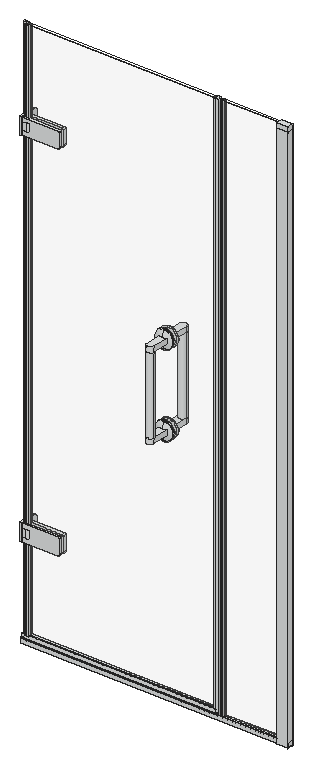
Revit family "Shower-Shower_Door-KOHLER-Components-K-27589_1", category Specialty Equipment, host Face, Revit 2017 (continued)
Definition of nested family "K-27589"
  Automatic sketch dimensions
    plane 9 to Revolve 28 sketch curve = 0.00455"
    Revolve 28 sketch curve to plane 9 = 0.20924"
    Revolve 28 sketch curve to plane 9 = 0.24551"
    plane 10 to Revolve 28 sketch curve = 0.30265"
    plane 10 to Revolve 28 sketch curve = 0.32068"
    Revolve 28 sketch curve to Revolve 28 sketch curve = 0.86741"
    Revolve 28 sketch curve to Revolve 28 sketch curve = 0.00702"
    Revolve 28 sketch curve to Revolve 28 sketch curve = 0"  (x2)
    Revolve 28 sketch curve to Revolve 28 sketch curve = 0.10085"
    Revolve 29 sketch curve to plane 12 = 0.21347"
    plane 9 to Revolve 29 sketch curve = 0.19217"
    plane 9 to Revolve 29 sketch curve = 0.03326"
    plane 9 to Revolve 29 sketch curve = 0.00455"
    Revolve 29 sketch curve to plane 11 = 0.03624"
    Revolve 29 sketch curve to plane 9 = 0.20924"
    Revolve 29 sketch curve to plane 9 = 0.24551"
    Revolve 29 sketch curve to Revolve 29 sketch curve = 0.28413"
    plane 11 to Revolve 29 sketch curve = 0.83117"
    Revolve 29 sketch curve to Revolve 29 sketch curve = 0.00702"
    Revolve 29 sketch curve to Revolve 29 sketch curve = 0"  (x2)
    Revolve 29 sketch curve to Revolve 29 sketch curve = 0.10085"
    Masking region 3 sketch curve to plane 28 = 0"
    plane 10 to Masking region 3 sketch curve = 0"  (x2)
    Masking region 3 sketch curve to plane 12 = 0"  (x5)
    Masking region 3 sketch curve to level = 0"
    Masking region 3 sketch curve to plane 9 = 0"  (x2)
    Masking region 3 sketch curve to plane 6 = 0"
    plane 11 to Masking region 3 sketch curve = 0"  (x2)
    Masking region 3 sketch curve to plane 27 = 0"
    Masking region 3 sketch curve to plane 11 = 1/32"  (x2)
    Masking region 3 sketch curve to plane 28 = 1/32"
    Masking region 3 sketch curve to plane 28 = 1"
    Masking region 3 sketch curve to plane 12 = 0.22089"  (x2)
    Masking region 3 sketch curve to plane 12 = 0.10639"
    Masking region 3 sketch curve to Masking region 3 sketch curve = 0.10639"
    Masking region 3 sketch curve to Masking region 3 sketch curve = 0.04148"  (x3)
    Masking region 3 sketch curve to plane 9 = 0.25441"  (x4)
    Masking region 3 sketch curve to Masking region 3 sketch curve = 0.25441"
    Masking region 3 sketch curve to Masking region 3 sketch curve = 0.01066"
    Masking region 3 sketch curve to Masking region 3 sketch curve = 0.00507"
    Masking region 3 sketch curve to Masking region 3 sketch curve = 0.00541"
    Masking region 3 sketch curve to Masking region 3 sketch curve = 0.93936"  (x2)
    Masking region 3 sketch curve to Masking region 3 sketch curve = 0.93982"  (x2)
    Masking region 3 sketch curve to Masking region 3 sketch curve = 0.19485"
    Masking region 3 sketch curve to Masking region 3 sketch curve = 25/128"
    Masking region 3 sketch curve to plane 27 = 1"
    Masking region 3 sketch curve to Masking region 3 sketch curve = 1/32"
    plane 7 to Masking region 3 sketch curve = 0.15896"
    Masking region 3 sketch curve to Masking region 3 sketch curve = 0.01492"
    plane 7 to Masking region 3 sketch curve = 0.24911"
    Masking region 3 sketch curve to Masking region 3 sketch curve = 0.04025"
    Masking region 3 sketch curve to Masking region 3 sketch curve = 0.08229"
    Masking region 3 sketch curve to Masking region 3 sketch curve = 10.78269"
    Masking region 3 sketch curve to Masking region 3 sketch curve = 0"  (x3)
    Masking region 3 sketch curve to Masking region 3 sketch curve = 0.00344"  (x2)
    Masking region 3 sketch curve to Masking region 3 sketch curve = 1.77863"  (x2)
    Masking region 3 sketch curve to Masking region 3 sketch curve = 0.00035"
    Masking region 3 sketch curve to plane 11 = 0.64105"  (x2)
    Masking region 3 sketch curve to Masking region 3 sketch curve = 4.08733"
    Masking region 3 sketch curve to Masking region 3 sketch curve = 0.30278"
    plane 10 to Masking region 3 sketch curve = 1.527"
    plane 10 to Masking region 3 sketch curve = 0.64105"
    Masking region 3 sketch curve to Masking region 3 sketch curve = 0.64105"
    Masking region 3 sketch curve to plane 10 = 0.88595"
    Masking region 3 sketch curve to plane 6 = 12.87125"
    Masking region 3 sketch curve to Masking region 3 sketch curve = 0.22089"  (x2)
    Masking region 3 sketch curve to Masking region 3 sketch curve = 0.88595"
    plane 11 to Masking region 3 sketch curve = 0.88595"
    curve 59 to plane 5 = 0"
    curve 58 to plane 5 = 0"
    curve 3 to plane 13 = 0"
    curve 59 to plane 20 = 0"
    curve 63 to plane 21 = 0"
    curve 68 to plane 19 = 0"
    curve 66 to plane 19 = 0"
    curve 58 to plane 18 = 0"
    curve 69 to plane 18 = 0"
    curve 5 to plane 14 = 0"
    curve 8 to plane 14 = 0"
    curve 160 to plane 22 = 0"
    curve 159 to plane 22 = 0"
    curve 102 to plane 23 = 0"
    curve 60 to curve 61 = 0.02311"
    curve 65 to plane 21 = 1/32"
    curve 67 to plane 21 = 1/32"
    plane 9 to curve 158 = 0.03467"
    plane 22 to curve 158 = 1.18214"
    plane 9 to curve 156 = 0.00003"
    curve 157 to curve 156 = 0.02706"
    curve 162 to plane 9 = 0.17115"
    plane 22 to curve 162 = 0.4685"
    curve 153 to plane 9 = 0.17115"
    plane 9 to curve 154 = 0.03467"
    curve 153 to curve 154 = 0.67794"
    plane 9 to curve 153 = 0.00003"
    curve 154 to curve 153 = 0.00864"
    plane 23 to curve 117 = 0.05331"
    plane 23 to curve 103 = 0.05335"
    plane 23 to curve 102 = 0.06035"
    curve 102 to curve 109 = 0.0694"
    curve 117 to curve 2 = 0.12174"
    curve 109 to curve 1 = 0.04696"
    curve 1 to curve 106 = 0.03388"
    curve 2 to curve 110 = 0.03646"
    plane 23 to curve 111 = 0.21228"
    curve 106 to curve 108 = 0.02447"
    curve 107 to curve 103 = 0.03212"
    curve 9 to curve 104 = 0.0539"
    plane 23 to curve 105 = 0.31451"
    curve 121 to plane 1 "Center (Front/Back)" = 0.12895"
    curve 104 to curve 121 = 0.07743"
    curve 118 to plane 1 "Center (Front/Back)" = 0.17617"
    curve 118 to curve 118 = 0.04721"
    plane 9 to curve 113 = 0.2026"
    curve 118 to curve 113 = 0.00988"
    plane 23 to curve 115 = 0.42497"
    curve 126 to plane 1 "Center (Front/Back)" = 0.1381"
    curve 118 to curve 126 = 0.12974"
    curve 126 to curve 127 = 0.04324"
    curve 122 to plane 1 "Center (Front/Back)" = 0.12895"
    curve 127 to curve 122 = 0.01268"
    curve 123 to plane 1 "Center (Front/Back)" = 0.17617"
    curve 127 to curve 123 = 0.05989"
    plane 1 "Center (Front/Back)" to curve 121 = 0.15193"
    plane 23 to curve 116 = 0.64803"
    curve 119 to curve 114 = 0.01875"
    plane 1 "Center (Front/Back)" to curve 113 = 0.11955"
    curve 114 to curve 113 = 0.0437"
    curve 116 to curve 131 = 0.12321"
    plane 1 "Center (Front/Back)" to curve 124 = 0.15193"
    plane 8 to curve 126 = 0.15095"
    curve 124 to curve 126 = 0.00355"
    curve 123 to curve 130 = 0.05973"
    plane 23 to curve 128 = 0.99404"
    curve 129 to plane 12 = 0.61967"
    curve 126 to curve 129 = 0.15745"
    curve 130 to curve 136 = 0.07475"
    curve 135 to curve 135 = 0.0239"
    curve 137 to curve 137 = 0.04269"
    curve 138 to curve 134 = 0.01431"
    plane 1 "Center (Front/Back)" to curve 140 = 0.13866"
    curve 135 to curve 140 = 0.0381"
    curve 11 to curve 133 = 0.09087"
    curve 134 to curve 132 = 0.02353"
    curve 134 to curve 138 = 0.16899"
    curve 159 to plane 12 = 0.89469"
    curve 105 to curve 129 = 0.70102"
    plane 28 to curve 128 = 1.06078"
    plane 8 to curve 70 = 0.07891"
    curve 61 to curve 67 = 0.0237"
    plane 8 to curve 112 = 0.16717"
    curve 133 to curve 133 = 0.03505"
    curve 2 to curve 107 = 0.01403"
    curve 111 to curve 117 = 0.02123"
    curve 114 to curve 119 = 0.05854"
    curve 134 to curve 132 = 0.01061"
    curve 136 to curve 11 = 0.01989"
    curve 107 to curve 10 = 0.04597"
    curve 123 to curve 130 = 0.00584"
    plane 1 "Center (Front/Back)" to curve 140 = 0.07666"
    curve 104 to plane 1 "Center (Front/Back)" = 0.07938"
    curve 104 to curve 9 = 0.05509"
    curve 9 to curve 109 = 0.00717"
    curve 13 to plane 1 "Center (Front/Back)" = 0.17534"
    curve 122 to curve 127 = 0.05239"
    curve 109 to curve 102 = 0.04136"
    curve 109 to curve 108 = 0.05118"
    curve 1 to curve 106 = 0.00157"
    curve 13 to curve 137 = 0.01931"
    curve 1 to curve 63 = 0.00341"
    curve 64 to curve 59 = 0.02023"
    curve 5 to curve 5 = 0.06185"
    curve 65 to curve 58 = 0.03698"
    curve 139 to curve 134 = 0.04369"
    curve 3 to plane 9 = 0.14683"
    curve 111 to plane 9 = 0.34736"
    curve 153 to curve 160 = 0.70374"
    curve 111 to curve 115 = 0.64655"
    plane 27 to curve 131 = 0.73222"
    curve 116 to plane 4 = 0.60067"
    plane 8 to curve 8 = 0.09645"
    curve 8 to curve 158 = 0"
    curve 160 to plane 12 = 0.19095"  (x2)
    plane 22 to curve 160 = 0.4685"
    plane 8 to curve 141 = 0.03917"
    curve 141 to curve 155 = 0"
    plane 23 to curve 101 = 0.00029"
    curve 101 to curve 117 = 0.00045"
    curve 116 to curve 117 = 0"
    curve 117 to curve 111 = 0.02419"
    curve 102 to curve 109 = 0.02036"
    curve 105 to curve 109 = 0"
    curve 105 to curve 142 = 0.02551"
    curve 115 to curve 116 = 0"
    curve 128 to curve 127 = 0"
    curve 131 to curve 130 = 0"
    curve 138 to curve 139 = 0.01931"
    curve 12 to curve 139 = 0"  (x2)
    curve 132 to curve 131 = 0"
    curve 11 to plane 26 = 1.45465"
    curve 100 to plane 12 = 0.10639"
    curve 7 to plane 12 = 0.06491"
    plane 8 to curve 15 = 0.02268"
    plane 8 to curve 101 = 0.03917"
    plane 8 to curve 163 = 0.03917"
    curve 101 to curve 143 = 0.05727"
    curve 12 to curve 15 = 0.07854"
    curve 156 to curve 162 = 0.11475"
    curve 153 to curve 161 = 0.11475"
    curve 3 to curve 100 = 0.13908"
    curve 72 to plane 5 = 0"
    curve 75 to plane 5 = 0"
    curve 17 to plane 5 = 0"
    curve 83 to plane 5 = 0"
    curve 18 to plane 5 = 0"
    curve 86 to plane 5 = 0"
    curve 77 to plane 13 = 0"
    curve 90 to plane 13 = 0"
    plane 20 to curve 96 = 0"
    plane 20 to curve 95 = 0"
    plane 20 to curve 94 = 0"
    plane 18 to curve 97 = 0"
    plane 18 to curve 51 = 0"
    plane 18 to curve 98 = 0"
    curve 76 to plane 14 = 0"
    plane 14 to curve 84 = 0"
    curve 169 to plane 11 = 0"
    curve 165 to plane 10 = 0"
    curve 18 to plane 7 = 0"
    curve 19 to plane 7 = 0"
    curve 150 to level = 0"
    curve 150 to plane 6 = 0"
    curve 152 to plane 6 = 0"
    curve 152 to level = 0"
    curve 149 to plane 26 = 0"
    curve 92 to curve 89 = 0.02685"
    curve 80 to curve 78 = 0.02685"
    curve 82 to curve 78 = 0.01966"
    curve 93 to curve 89 = 0.01966"
    curve 87 to plane 14 = 0.19715"
    curve 75 to plane 14 = 0.19715"
    curve 85 to plane 14 = 0.19541"
    curve 74 to curve 73 = 0.19541"
    plane 22 to curve 169 = 0.4685"
    plane 22 to curve 167 = 0"
    plane 22 to curve 164 = 0"
    curve 168 to plane 22 = 0.4685"
    plane 7 to curve 86 = 11.15399"
    curve 97 to curve 90 = 0.58071"
    curve 93 to curve 92 = 0.95743"
    curve 84 to curve 84 = 1.77279"
    curve 167 to plane 11 = 0.32037"
    plane 10 to curve 164 = 0.32068"
    curve 75 to plane 6 = 12.86782"
    curve 98 to curve 79 = 0.58071"
    curve 78 to curve 78 = 0.95743"
    curve 73 to curve 73 = 1.77279"
    plane 23 to curve 146 = 0.00045"
    curve 148 to plane 7 = 0.10539"
    curve 146 to curve 148 = 0.58053"
    curve 148 to curve 147 = 0.14354"
    curve 147 to curve 144 = 0.05067"
    curve 52 to plane 6 = 0.17896"
    curve 144 to curve 52 = 0.52371"
    curve 151 to plane 26 = 1.48035"
    curve 151 to curve 150 = 0.0257"
    curve 150 to curve 152 = 0.02444"
    plane 7 to curve 16 = 0.15896"
    curve 16 to curve 20 = 0.32901"
    curve 167 to curve 167 = 1.08421"
    curve 164 to curve 164 = 1.08421"
    curve 51 to plane 6 = 0.17896"
    curve 99 to plane 6 = 0.05407"
    curve 144 to plane 6 = 0.05407"
    curve 145 to plane 6 = 0.05407"
    curve 149 to plane 6 = 0.05407"
    curve 94 to plane 6 = 0.05407"
    curve 147 to curve 144 = 0"
    curve 148 to plane 6 = 0.05407"
    curve 146 to plane 6 = 0.05404"
    Extrusion 2 sketch curve to plane 5 = 0"
    Extrusion 2 sketch curve to plane 16 = 0"  (x2)
    Extrusion 2 sketch curve to plane 15 = 0"  (x2)
    Extrusion 2 sketch curve to Extrusion 2 sketch curve = 0.02311"
    Extrusion 2 sketch curve to plane 21 = 1/32"  (x2)
    plane 8 to Extrusion 2 sketch curve = 0.07891"
    Extrusion 2 sketch curve to Extrusion 2 sketch curve = 0.04681"
    Extrusion 2 sketch curve to Extrusion 2 sketch curve = 0.04145"
    Extrusion 2 sketch curve to plane 1 "Center (Front/Back)" = 0.19282"
    Extrusion 2 sketch curve to plane 1 "Center (Front/Back)" = 0.19623"
    Extrusion 2 sketch curve to Extrusion 2 sketch curve = 0.02023"
    Extrusion 2 sketch curve to Extrusion 2 sketch curve = 0.03698"
    Extrusion 4 sketch curve to plane 13 = 0"  (x2)
    Extrusion 4 sketch curve to plane 14 = 0"
    Extrusion 4 sketch curve to plane 18 = 0.23416"
    Extrusion 4 sketch curve to plane 18 = 0.23504"
    Extrusion 4 sketch curve to Extrusion 4 sketch curve = 0.02124"
    Extrusion 4 sketch curve to Extrusion 4 sketch curve = 25/128"  (x2)
    Extrusion 4 sketch curve to plane 6 = 12.87908"
    Extrusion 4 sketch curve to Extrusion 4 sketch curve = 0.58071"
    Extrusion 4 sketch curve to Extrusion 4 sketch curve = 0.96057"
    Extrusion 4 sketch curve to Extrusion 4 sketch curve = 1.77438"
    Extrusion 5 sketch curve to plane 13 = 0"
    Extrusion 5 sketch curve to plane 12 = 0.06491"
    Extrusion 5 sketch curve to plane 19 = 0.09988"
    plane 21 to Extrusion 9 sketch curve = 0"
    level to Extrusion 9 sketch curve = 0.32822"
    plane 23 to Extrusion 9 sketch curve = 0.67492"
    plane 7 to Extrusion 9 sketch curve = 0.48798"
    Masking region 1 sketch curve to plane 5 = 0"
    Masking region 1 sketch curve to plane 13 = 0"  (x2)
    Masking region 1 sketch curve to plane 14 = 0"
    Masking region 1 sketch curve to plane 22 = 0"  (x2)
    plane 9 to Masking region 1 sketch curve = 0"
    Masking region 1 sketch curve to plane 12 = 0"
    Masking region 1 sketch curve to plane 26 = 0"
    plane 8 to Masking region 1 sketch curve = 0.03917"  (x2)
    plane 22 to Masking region 1 sketch curve = 1.18214"
    Masking region 1 sketch curve to plane 12 = 0.01977"  (x2)
    Masking region 1 sketch curve to Masking region 1 sketch curve = 0.02706"
    plane 12 to Masking region 1 sketch curve = 0.01487"  (x2)
    Masking region 1 sketch curve to Masking region 1 sketch curve = 0.4685"
    Masking region 1 sketch curve to plane 12 = 0.19095"  (x2)
    plane 22 to Masking region 1 sketch curve = 0.4685"
    Masking region 1 sketch curve to Masking region 1 sketch curve = 0.67794"
    Masking region 1 sketch curve to Masking region 1 sketch curve = 0.00864"
    plane 9 to Masking region 1 sketch curve = 0.10062"
    plane 23 to Masking region 1 sketch curve = 0.52731"
    Masking region 1 sketch curve to plane 26 = 1.45465"
    Masking region 1 sketch curve to Masking region 1 sketch curve = 0"
    Masking region 1 sketch curve to Masking region 1 sketch curve = 0.02472"
    Masking region 1 sketch curve to Masking region 1 sketch curve = 0.02506"
    Masking region 1 sketch curve to plane 26 = 3/128"
    Masking region 1 sketch curve to Masking region 1 sketch curve = 3/128"
    Masking region 1 sketch curve to plane 28 = 0.46762"
    Masking region 1 sketch curve to plane 12 = 0.10639"
    Masking region 1 sketch curve to Masking region 1 sketch curve = 0.04148"
    Masking region 1 sketch curve to plane 9 = 0.28591"  (x2)
    Masking region 1 sketch curve to Masking region 1 sketch curve = 1.10317"
    Masking region 1 sketch curve to plane 27 = 0.46762"
    Masking region 2 sketch curve to plane 5 = 0"
    Masking region 2 sketch curve to plane 6 = 0"
    Masking region 2 sketch curve to level = 0"
    Masking region 2 sketch curve to plane 26 = 0"
    Masking region 2 sketch curve to plane 26 = 1.45465"
    Masking region 2 sketch curve to plane 26 = 0.0237"
    Masking region 2 sketch curve to plane 6 = 0.05407"
    Extrusion 10 sketch curve to plane 13 = 0"  (x2)
    plane 14 to Extrusion 10 sketch curve = 0"
    Extrusion 10 sketch curve to Extrusion 10 sketch curve = 0.02212"
    Extrusion 10 sketch curve to Extrusion 10 sketch curve = 0.02124"
    Extrusion 10 sketch curve to plane 14 = 25/128"  (x2)
    plane 7 to Extrusion 10 sketch curve = 11.15434"
    Extrusion 10 sketch curve to Extrusion 10 sketch curve = 0.58071"
    Extrusion 10 sketch curve to Extrusion 10 sketch curve = 0.96057"
    Extrusion 10 sketch curve to Extrusion 10 sketch curve = 1.77438"
    Extrusion 11 sketch curve to plane 5 = 0"  (x2)
    plane 7 to Extrusion 11 sketch curve = 11.15434"
    Extrusion 11 sketch curve to Extrusion 11 sketch curve = 2.16501"  (x2)
    Extrusion 11 sketch curve to plane 6 = 12.86782"
    Extrusion 12 sketch curve to plane 13 = 0"
    Extrusion 12 sketch curve to plane 12 = 0.06491"
    Extrusion 12 sketch curve to plane 19 = 0.15085"
    Extrusion 13 sketch curve to plane 21 = 0"
    plane 8 to Extrusion 13 sketch curve = 0.16717"
    Extrusion 13 sketch curve to plane 1 "Center (Front/Back)" = 0.19282"
    Extrusion 14 sketch curve to plane 5 = 0"  (x2)
    plane 14 to Extrusion 14 sketch curve = 0"
    Extrusion 14 sketch curve to plane 14 = 0"
    plane 7 to Extrusion 14 sketch curve = 11.15434"
    Extrusion 14 sketch curve to Extrusion 14 sketch curve = 2.16501"
    Extrusion 14 sketch curve to plane 6 = 12.86782"
    Extrusion 14 sketch curve to Extrusion 14 sketch curve = 2.16535"
    Extrusion 15 sketch curve to level = 0"
    Extrusion 15 sketch curve to plane 5 = 0"
    Extrusion 15 sketch curve to plane 26 = 0"
    plane 7 to Extrusion 15 sketch curve = 0.29465"
    Extrusion 17 sketch curve to plane 5 = 0"
    Extrusion 17 sketch curve to plane 21 = 0"
    Extrusion 17 sketch curve to plane 18 = 0"  (x2)
    Extrusion 17 sketch curve to plane 23 = 0"  (x2)
    Extrusion 17 sketch curve to plane 12 = 0"
    Extrusion 17 sketch curve to plane 26 = 0"
    Extrusion 17 sketch curve to Extrusion 17 sketch curve = 0.17477"
    plane 23 to Extrusion 17 sketch curve = 0.17477"
    Extrusion 17 sketch curve to Extrusion 17 sketch curve = 0.06"  (x3)
    Extrusion 17 sketch curve to plane 1 "Center (Front/Back)" = 0.17534"
    Extrusion 17 sketch curve to Extrusion 17 sketch curve = 0.82677"
    Extrusion 17 sketch curve to Extrusion 17 sketch curve = 0.062"  (x3)
    plane 8 to Extrusion 17 sketch curve = 0.09645"
    Extrusion 17 sketch curve to Extrusion 17 sketch curve = 15/64"  (x2)
    Extrusion 17 sketch curve to plane 26 = 1.45441"
    plane 8 to Extrusion 17 sketch curve = 0.03666"
    Extrusion 17 sketch curve to Extrusion 17 sketch curve = 0.07073"
    plane 8 to Extrusion 17 sketch curve = 0.16717"
    plane 1 "Center (Front/Back)" to Extrusion 17 sketch curve = 0.13866"
    plane 1 "Center (Front/Back)" to Extrusion 17 sketch curve = 0.07666"
    Extrusion 17 sketch curve to plane 1 "Center (Front/Back)" = 0.13447"
    Extrusion 17 sketch curve to plane 1 "Center (Front/Back)" = 0.19282"
    Extrusion 17 sketch curve to Extrusion 17 sketch curve = 0.03671"
    plane 9 to Extrusion 17 sketch curve = 0.10913"
    Extrusion 17 sketch curve to plane 9 = 0.04602"
    curve 39 to plane 12 = 0"
    curve 21 to plane 12 = 0"
    curve 27 to plane 12 = 0"
    curve 48 to level = 0"
    curve 48 to plane 6 = 0"
    curve 49 to plane 6 = 0"
    curve 49 to level = 0"
    curve 50 to plane 9 = 0"
    curve 29 to plane 9 = 0"
    plane 10 to curve 37 = 0"
    curve 36 to plane 6 = 0"
    plane 11 to curve 53 = 0"
    curve 26 to plane 6 = 0"
    plane 1 "Center (Front/Back)" to curve 44 = 0.16426"
    plane 1 "Center (Front/Back)" to curve 42 = 0.16426"
    plane 1 "Center (Front/Back)" to curve 33 = 0.13285"
    curve 34 to plane 1 "Center (Front/Back)" = 0.09125"
    curve 47 to plane 1 "Center (Front/Back)" = 0.19263"
    curve 43 to plane 1 "Center (Front/Back)" = 0.19263"
    curve 57 to curve 57 = 0.25441"
    plane 7 to curve 41 = 6.04461"
    curve 41 to curve 43 = 1/8"
    plane 10 to curve 45 = 5.44455"
    curve 45 to curve 47 = 1/8"
    curve 33 to plane 6 = 4.93108"
    curve 33 to curve 34 = 0.13821"
    curve 22 to curve 21 = 0.06491"
    curve 28 to plane 12 = 0.06491"
    plane 8 to curve 48 = 0"
    plane 9 to curve 49 = 0.03956"
    curve 24 to curve 25 = 0.14683"
    curve 29 to curve 31 = 0.14683"
    curve 31 to curve 37 = 0.06783"
    curve 25 to curve 38 = 0.06783"
    curve 56 to plane 9 = 0.21466"
    curve 25 to curve 53 = 0.06783"
    curve 26 to curve 36 = 0.21466"
    curve 53 to curve 54 = 0.03975"
    curve 38 to curve 24 = 0.03975"
    curve 37 to curve 30 = 0.03977"
    curve 53 to curve 23 = 0.57224"
    curve 36 to curve 29 = 0.57224"
    plane 7 to curve 50 = 0.12922"
    curve 50 to curve 26 = 0.24243"
    curve 26 to curve 38 = 0.00094"
    curve 26 to curve 50 = 0.0584"
    curve 43 to curve 24 = 4.85973"
    curve 24 to curve 21 = 0.00344"
    curve 22 to curve 21 = 0"  (x2)
    curve 22 to curve 22 = 2.16501"
    curve 21 to curve 23 = 0.00035"
    plane 11 to curve 39 = 1.77162"
    curve 56 to plane 11 = 0.64105"
    curve 56 to curve 39 = 1.58733"
    curve 56 to curve 37 = 0.64105"
    curve 55 to plane 10 = 0.11817"
    curve 37 to curve 33 = 7.94017"
    curve 27 to curve 30 = 0"
    curve 27 to curve 28 = 0.00344"
    curve 30 to curve 29 = 2.16879"
    curve 28 to curve 29 = 0"
    curve 28 to curve 27 = 0.01915"
    curve 170 to plane 9 = 0"
    plane 11 to curve 174 = 0"
    plane 11 to curve 172 = 0"
    curve 171 to plane 9 = 0"
    curve 176 to plane 9 = 0"
    plane 10 to curve 178 = 0"
    plane 10 to curve 175 = 0"
    curve 175 to plane 9 = 0"
    curve 172 to plane 11 = 0.32052"
    curve 174 to plane 11 = 0.32052"
    curve 174 to curve 173 = 0.32052"
    curve 179 to plane 9 = 0.2011"
    plane 10 to curve 179 = 0.64105"
    plane 10 to curve 178 = 0.32052"
    plane 10 to curve 177 = 0.32052"
    curve 174 to plane 9 = 0.25145"
    curve 178 to plane 9 = 0.25145"
    curve 171 to plane 9 = 0.2011"
    curve 172 to plane 12 = 0.27124"
    curve 177 to plane 12 = 0.27124"
    plane 11 to curve 170 = 0.80655"
    curve 172 to curve 174 = 0.32052"
    curve 172 to curve 171 = 0.80655"
    curve 176 to curve 177 = 0.80655"
    curve 178 to curve 177 = 0.32052"
    curve 175 to plane 10 = 0.80655"
    curve 173 to curve 172 = 0.05332"
    curve 179 to curve 176 = 0.05332"
    curve 174 to plane 12 = 0.22089"
    curve 178 to plane 12 = 0.22089"
    radius of Extrusion 21 sketch curve = 0.4685"
    radius of Extrusion 26 sketch curve = 0.4685"
Types (4): name | Width | Type | Model | Finish
  (no name) | 34 3/8" | 1 | "K-27589-10L-SHP" | Kohler-Metal-SHP-Bright_Polished_Silver
  SHP- Bright Polished Silver | 34 3/8" | 1 | "K-27589-10L-SHP" | Kohler-Metal-SHP-Bright_Polished_Silver
  BNK- Anodized Brushed Nickel | 40 3/8" | 2 | "K-27589-10L-BNK" | Kohler-Metal-BNK-Anodized_Brushed_Nickel
  BL- Matte Black | 40 3/8" | 3 | "K-27589-10L-BL" | Kohler-Metal-BL-Matte_Black
